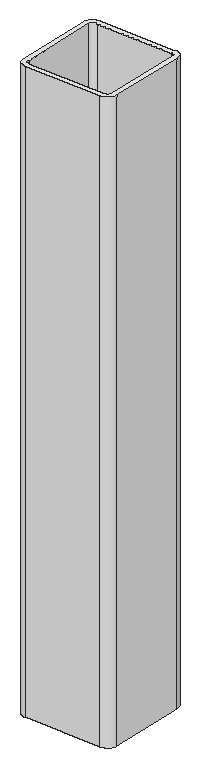
Revit family "NLRS_28_SC_RHS_Square", category Structural Columns, Revit 2020
Family settings
  Section Shape = Not Defined
  Material for Model Behavior = Steel
  Always export as geometry = No
  Beam cutback in plan = From bounding box
  OmniClass Number = 23.25.30.11.14.11
  OmniClass Title = Columns
  Cut with Voids When Loaded = No
  Symbolic Representation = From Project Settings
  Shared = No
  Show family pre-cut in plan views = Yes
Parameters (values of type "KK400/20")
  W = 0
  Structural Material [instance] = Steel, 45-345
  Ix = 71530
  M = 235
  Zx = 3577
  b = 400 mm
  h = 400 mm
  tr = 2 * t  # 40 mm
  t = 20 mm
  A = 0.03 m²
Types (123, lengths in mm): name | Ix | M | Zx | b | h | tr | t | A
  KK400/20 | 71530 | 235 | 3577 | 400 | 400 | 40 | 20 | 0.03 m²
  KK400/16 | 59340 | 191 | 2967 | 400 | 400 | 32 | 16 | 0.0243 m²
  KK400/12.5 | 47840 | 151 | 2392 | 400 | 400 | 25 | 12.5 | 0.0192 m²
  K400/400/12 | 46130 | 145 | 2306 | 400 | 400 | 24 | 12 | 0.0185 m²
  K400/400/10 | 39130 | 122 | 1956 | 400 | 400 | 20 | 10 | 0.0155 m²
  K400/400/8 | 31860 | 97.9 | 1593 | 400 | 400 | 16 | 8 | 0.0125 m²
  K350/350/16 | 38940 | 166 | 2225 | 350 | 350 | 32 | 16 | 0.0211 m²
  K350/350/12.5 | 31540 | 131 | 1802 | 350 | 350 | 25 | 12.5 | 0.0167 m²
  K350/350/12 | 30430 | 126 | 1739 | 350 | 350 | 24 | 12 | 0.0161 m²
  K350/350/10 | 25880 | 106 | 1479 | 350 | 350 | 20 | 10 | 0.0135 m²
  K350/350/8 | 21130 | 85.4 | 1207 | 350 | 350 | 16 | 8 | 0.0109 m²
  K300/300/16 | 23850 | 141 | 1590 | 300 | 300 | 32 | 16 | 0.0179 m²
  K300/300/12.5 | 19440 | 112 | 1296 | 300 | 300 | 25 | 12.5 | 0.0142 m²
  K300/300/12 | 18780 | 107 | 1252 | 300 | 300 | 24 | 12 | 0.0137 m²
  K300/300/10 | 16030 | 90.2 | 1068 | 300 | 300 | 20 | 10 | 0.0115 m²
  K300/300/8 | 13130 | 72.8 | 875 | 300 | 300 | 16 | 8 | 0.00928 m²
  K300/300/6.3 | 10550 | 57.8 | 703 | 300 | 300 | 12.6 | 6.3 | 0.00736 m²
  K300/300/6 | 10080 | 55.1 | 672 | 300 | 300 | 12 | 6 | 0.00702 m²
  K250/250/16 | 13270 | 115 | 1061 | 250 | 250 | 32 | 16 | 0.0147 m²
  K250/250/12.5 | 10920 | 91.9 | 873 | 250 | 250 | 25 | 12.5 | 0.0117 m²
  K250/250/12 | 10560 | 88.5 | 844 | 250 | 250 | 24 | 12 | 0.0113 m²
  K250/250/10 | 9055 | 74.5 | 724 | 250 | 250 | 20 | 10 | 0.00949 m²
  K250/250/8 | 7455 | 60.3 | 596 | 250 | 250 | 16 | 8 | 0.00768 m²
  K250/250/6.3 | 6014 | 47.9 | 481 | 250 | 250 | 12.6 | 6.3 | 0.0061 m²
  K250/250/6 | 5752 | 45.7 | 460 | 250 | 250 | 12 | 6 | 0.00582 m²
  K250/250/5 | 4861 | 38.3 | 389 | 250 | 250 | 10 | 5 | 0.00487 m²
  K200/200/16 | 6394 | 90.3 | 639 | 200 | 200 | 32 | 16 | 0.0115 m²
  K200/200/12.5 | 5336 | 72.3 | 534 | 200 | 200 | 25 | 12.5 | 0.00921 m²
  K200/200/12 | 5171 | 69.6 | 517 | 200 | 200 | 24 | 12 | 0.00887 m²
  K200/200/10 | 4471 | 58.8 | 447 | 200 | 200 | 20 | 10 | 0.00749 m²
  K200/200/8 | 3709 | 47.7 | 371 | 200 | 200 | 16 | 8 | 0.00608 m²
  K200/200/6.3 | 3011 | 38 | 301 | 200 | 200 | 12.6 | 6.3 | 0.00484 m²
  K200/200/6 | 2883 | 36.2 | 288 | 200 | 200 | 12 | 6 | 0.00462 m²
  K200/200/5 | 2445 | 30.4 | 245 | 200 | 200 | 10 | 5 | 0.00387 m²
  K180/180/16 | 4504 | 80.2 | 500 | 180 | 180 | 32 | 16 | 0.0102 m²
  K180/180/12.5 | 3790 | 64.4 | 421 | 180 | 180 | 25 | 12.5 | 0.00821 m²
  K180/180/12 | 3677 | 62.1 | 409 | 180 | 180 | 24 | 12 | 0.00791 m²
  K180/180/10 | 3193 | 52.5 | 355 | 180 | 180 | 20 | 10 | 0.00669 m²
  K180/180/8 | 2661 | 42.7 | 296 | 180 | 180 | 16 | 8 | 0.00544 m²
  K180/180/6.3 | 2168 | 34 | 241 | 180 | 180 | 12.6 | 6.3 | 0.00433 m²
  K180/180/6 | 2077 | 32.5 | 231 | 180 | 180 | 12 | 6 | 0.00414 m²
  K180/180/5 | 1765 | 27.3 | 196 | 180 | 180 | 10 | 5 | 0.00347 m²
  K160/160/16 | 3028 | 70.2 | 379 | 160 | 160 | 32 | 16 | 0.00894 m²
  K160/160/12.5 | 2576 | 56.6 | 322 | 160 | 160 | 25 | 12.5 | 0.00721 m²
  K160/160/12 | 2502 | 54.6 | 313 | 160 | 160 | 24 | 12 | 0.00695 m²
  K160/160/10 | 2186 | 46.3 | 273 | 160 | 160 | 20 | 10 | 0.00589 m²
  K160/160/8 | 1831 | 37.6 | 229 | 160 | 160 | 16 | 8 | 0.0048 m²
  K160/160/6.3 | 1499 | 30.1 | 187 | 160 | 160 | 12.6 | 6.3 | 0.00383 m²
  K160/160/6 | 1437 | 28.7 | 180 | 160 | 160 | 12 | 6 | 0.00366 m²
  K160/160/5 | 1225 | 24.1 | 153 | 160 | 160 | 10 | 5 | 0.00307 m²
  K150/150/16 | 2430 | 65.2 | 324 | 150 | 150 | 32 | 16 | 0.0083 m²
  K150/150/12.5 | 2080 | 52.7 | 277 | 150 | 150 | 25 | 12.5 | 0.00671 m²
  K150/150/12 | 2023 | 50.8 | 270 | 150 | 150 | 24 | 12 | 0.00647 m²
  K150/150/10 | 1773 | 43.1 | 236 | 150 | 150 | 20 | 10 | 0.00549 m²
  K150/150/8 | 1491 | 35.1 | 199 | 150 | 150 | 16 | 8 | 0.00448 m²
  K150/150/6.3 | 1223 | 28.1 | 163 | 150 | 150 | 12.6 | 6.3 | 0.00358 m²
  K150/150/6 | 1174 | 26.8 | 156 | 150 | 150 | 12 | 6 | 0.00342 m²
  K150/150/5 | 1002 | 22.6 | 134 | 150 | 150 | 10 | 5 | 0.00287 m²
  K140/140/12.5 | 1653 | 48.7 | 236 | 140 | 140 | 25 | 12.5 | 0.00621 m²
  K140/140/12 | 1609 | 47 | 230 | 140 | 140 | 24 | 12 | 0.00599 m²
  K140/140/10 | 1416 | 40 | 202 | 140 | 140 | 20 | 10 | 0.00509 m²
  K140/140/8 | 1195 | 32.6 | 171 | 140 | 140 | 16 | 8 | 0.00416 m²
  K140/140/6.3 | 984 | 26.1 | 141 | 140 | 140 | 12.6 | 6.3 | 0.00333 m²
  K140/140/6 | 944 | 24.9 | 135 | 140 | 140 | 12 | 6 | 0.00318 m²
  K140/140/5 | 807 | 21 | 115 | 140 | 140 | 10 | 5 | 0.00267 m²
  K120/120/12.5 | 982 | 40.9 | 164 | 120 | 120 | 25 | 12.5 | 0.00521 m²
  K120/120/12 | 958 | 39.5 | 160 | 120 | 120 | 24 | 12 | 0.00503 m²
  K120/120/10 | 852 | 33.7 | 142 | 120 | 120 | 20 | 10 | 0.00429 m²
  K120/120/8 | 726 | 27.6 | 121 | 120 | 120 | 16 | 8 | 0.00352 m²
  K120/120/6.3 | 603 | 22.2 | 100 | 120 | 120 | 12.6 | 6.3 | 0.00282 m²
  K120/120/6 | 579 | 21.2 | 96.6 | 120 | 120 | 12 | 6 | 0.0027 m²
  K120/120/5 | 498 | 17.8 | 83 | 120 | 120 | 10 | 5 | 0.00227 m²
  K120/120/4 | 410 | 14.4 | 68.4 | 120 | 120 | 8 | 4 | 0.00184 m²
  KK100/10 | 462 | 27.4 | 92.4 | 100 | 100 | 20 | 10 | 0.00349 m²
  K100/100/8 | 400 | 22.6 | 79.9 | 100 | 100 | 16 | 8 | 0.00288 m²
  KK100/6.3 | 336 | 18.2 | 67.1 | 100 | 100 | 12.6 | 6.3 | 0.00232 m²
  K100/100/6 | 323 | 17.4 | 64.6 | 100 | 100 | 12 | 6 | 0.00222 m²
  KK100/5 | 279 | 14.7 | 55.9 | 100 | 100 | 10 | 5 | 0.00187 m²
  K100/100/4 | 232 | 11.9 | 46.4 | 100 | 100 | 8 | 4 | 0.00152 m²
  K100/100/3.6 | 212 | 10.8 | 42.3 | 100 | 100 | 7.2 | 3.6 | 0.00137 m²
  K90/90/8 | 281 | 20.1 | 62.6 | 90 | 90 | 16 | 8 | 0.00256 m²
  K90/90/6.3 | 238 | 16.2 | 53 | 90 | 90 | 12.6 | 6.3 | 0.00207 m²
  K90/90/6 | 230 | 15.5 | 51.1 | 90 | 90 | 12 | 6 | 0.00198 m²
  K90/90/5 | 200 | 13.1 | 44.4 | 90 | 90 | 10 | 5 | 0.00167 m²
  K90/90/4 | 166 | 10.7 | 37 | 90 | 90 | 8 | 4 | 0.00136 m²
  K90/90/3.6 | 152 | 9.66 | 33.8 | 90 | 90 | 7.2 | 3.6 | 0.00123 m²
  KK80/8 | 189 | 17.5 | 47.3 | 80 | 80 | 16 | 8 | 0.00224 m²
  KK80/6.3 | 162 | 14.2 | 40.5 | 80 | 80 | 12.6 | 6.3 | 0.00181 m²
  K80/80/6 | 156 | 13.6 | 39.1 | 80 | 80 | 12 | 6 | 0.00174 m²
  KK80/5 | 137 | 11.6 | 34.2 | 80 | 80 | 10 | 5 | 0.00147 m²
  KK80/4 | 114 | 9.41 | 28.6 | 80 | 80 | 8 | 4 | 0.0012 m²
  K80/80/3.6 | 105 | 8.53 | 26.2 | 80 | 80 | 7.2 | 3.6 | 0.00109 m²
  K80/80/3.2 | 95 | 7.63 | 23.7 | 80 | 80 | 6.4 | 3.2 | 0.000972 m²
  K70/70/8 | 120 | 15 | 34.2 | 70 | 70 | 16 | 8 | 0.00192 m²
  K70/70/6.3 | 104 | 12.3 | 29.7 | 70 | 70 | 12.6 | 6.3 | 0.00156 m²
  K70/70/6 | 101 | 11.8 | 28.7 | 70 | 70 | 12 | 6 | 0.0015 m²
  K70/70/5 | 88.5 | 9.99 | 25.3 | 70 | 70 | 10 | 5 | 0.00127 m²
  K70/70/4 | 74.7 | 8.15 | 21.3 | 70 | 70 | 8 | 4 | 0.00104 m²
  K70/70/3.6 | 68.6 | 7.4 | 19.6 | 70 | 70 | 7.2 | 3.6 | 0.000942 m²
  K70/70/3.2 | 62.3 | 6.63 | 17.8 | 70 | 70 | 6.4 | 3.2 | 0.000844 m²
  K70/70/3 | 59 | 6.24 | 16.9 | 70 | 70 | 6 | 3 | 0.000794 m²
  K60/60/8 | 69.7 | 12.5 | 23.2 | 60 | 60 | 16 | 8 | 0.0016 m²
  K60/60/6.3 | 61.6 | 10.3 | 20.5 | 60 | 60 | 12.6 | 6.3 | 0.00131 m²
  K60/60/6 | 59.9 | 9.87 | 20 | 60 | 60 | 12 | 6 | 0.00126 m²
  K60/60/5 | 53.3 | 8.42 | 17.8 | 60 | 60 | 10 | 5 | 0.00107 m²
  K60/60/4 | 45.4 | 6.9 | 15.1 | 60 | 60 | 8 | 4 | 0.000879 m²
  K60/60/3.6 | 41.9 | 6.27 | 14 | 60 | 60 | 7.2 | 3.6 | 0.000798 m²
  K60/60/3.2 | 38.2 | 5.62 | 12.7 | 60 | 60 | 6.4 | 3.2 | 0.000716 m²
  K60/60/3 | 36.2 | 5.29 | 12.1 | 60 | 60 | 6 | 3 | 0.000674 m²
  K50/50/6.3 | 32.8 | 8.31 | 13.1 | 50 | 50 | 12.6 | 6.3 | 0.00106 m²
  K50/50/6 | 32 | 7.99 | 12.8 | 50 | 50 | 12 | 6 | 0.00102 m²
  K50/50/5 | 28.9 | 6.85 | 11.6 | 50 | 50 | 10 | 5 | 0.000873 m²
  K50/50/4 | 25 | 5.64 | 9.99 | 50 | 50 | 8 | 4 | 0.000719 m²
  K50/50/3.6 | 23.2 | 5.14 | 9.27 | 50 | 50 | 7.2 | 3.6 | 0.000654 m²
  K50/50/3.2 | 21.2 | 4.62 | 8.49 | 50 | 50 | 6.4 | 3.2 | 0.000588 m²
  K50/50/3 | 20.2 | 4.35 | 8.08 | 50 | 50 | 6 | 3 | 0.000554 m²
  K50/50/2.5 | 17.5 | 3.68 | 6.99 | 50 | 50 | 5 | 2.5 | 0.000468 m²
  K40/40/5 | 13.4 | 5.28 | 6.68 | 40 | 40 | 10 | 5 | 0.000673 m²
  K40/40/4 | 11.8 | 4.39 | 5.91 | 40 | 40 | 8 | 4 | 0.000559 m²
  K40/40/3.6 | 11.1 | 4.01 | 5.54 | 40 | 40 | 7.2 | 3.6 | 0.00051 m²
  K40/40/3.2 | 10.2 | 3.61 | 5.11 | 40 | 40 | 6.4 | 3.2 | 0.00046 m²
  K40/40/3 | 9.78 | 3.41 | 4.89 | 40 | 40 | 6 | 3 | 0.000434 m²
  K40/40/2.5 | 8.54 | 2.89 | 4.27 | 40 | 40 | 5 | 2.5 | 0.000368 m²
Reference planes
  plane 1 "Center (Front/Back)": y = 0
  plane 2: z = 0
  plane 3 "Center (Left/Right)": x = 0
  plane 4: x = -200
  plane 5: x = 200
  plane 6: y = 200
  plane 7: y = -200
  plane 8: x = -160
  plane 9: y = -160
  plane 10: y = 160
  plane 11: x = 160
Forms (mm)
  Extrusion 1, solid, material "Steel, 45-345" <- "Structural Material", detail levels medium
    sketch origin (0, 0, 0) x (1, 0, 0) y (0, 1, 0)
      loop
        line (-200, 200) -> (-200, -200) -> (200, -200) -> (200, 200) -> (-200, 200)
      loop
        line (-180, 180) -> (-180, -180) -> (180, -180) -> (180, 180) -> (-180, 180)
    from 0 to 2500
  Extrusion 2, solid, material "Steel, 45-345" <- "Structural Material", detail levels fine
    sketch origin (0, 0, 0) x (1, 0, 0) y (0, 1, 0)
      loop
        arc (-160, 200) -> (-188.284, 188.284) -> (-200, 160) r 40
        line (-200, 160) -> (-200, -160)
        arc (-200, -160) -> (-188.284, -188.284) -> (-160, -200) r 40
        line (-160, -200) -> (160, -200)
        arc (160, -200) -> (188.284, -188.284) -> (200, -160) r 40
        line (200, -160) -> (200, 160)
        arc (200, 160) -> (188.284, 188.284) -> (160, 200) r 40
        line (160, 200) -> (-160, 200)
      loop
        arc (-160, 180) -> (-174.142, 174.142) -> (-180, 160) r 20
        line (-180, 160) -> (-180, -160)
        arc (-180, -160) -> (-174.142, -174.142) -> (-160, -180) r 20
        line (-160, -180) -> (160, -180)
        arc (160, -180) -> (174.142, -174.142) -> (180, -160) r 20
        line (180, -160) -> (180, 160)
        arc (180, 160) -> (174.142, 174.142) -> (160, 180) r 20
        line (160, 180) -> (-160, 180)
    from 0 to 2500
Lines and regions (mm)
  symbolic lines, style "StructuralColumnStickSymbols", detail levels coarse
    curve 1: line (-200, 200, 0) -> (200, 200, 0)
    curve 2: line (-200, -200, 0) -> (200, -200, 0)
    curve 5: line (-200, 200, 0) -> (-200, -200, 0)
    curve 6: line (200, 200, 0) -> (200, -200, 0)
  symbolic lines, style "Hidden Faces", detail levels medium+fine
    curve 3: line (-180, 0, 0) -> (-180, 0, 2500)
    curve 4: line (180, 0, 2500) -> (180, 0, 0)
Dimensions and locks
  equal spacing: plane 4, plane 3 "Center (Left/Right)", plane 5
  equal spacing: plane 7, plane 1 "Center (Front/Back)", plane 6
  "h": plane 7 to plane 6
  "b": plane 4 to plane 5
  "t": Extrusion 1 sketch curve to plane 5
  "t": plane 4 to Extrusion 1 sketch curve
  "t": Extrusion 1 sketch curve to plane 6
  "t": Extrusion 1 sketch curve to plane 7
  "t": Extrusion 2 sketch curve to plane 6
  "t": Extrusion 2 sketch curve to plane 5
  "t": plane 4 to Extrusion 2 sketch curve
  "t": Extrusion 2 sketch curve to plane 7
  "tr": plane 10 to plane 6
  "tr": plane 7 to plane 9
  "tr": plane 11 to plane 5
  "tr": plane 4 to plane 8
  aligned and locked: plane 6 to Extrusion 1 sketch curve
  aligned and locked: Extrusion 1 sketch curve to plane 7
  aligned and locked: Extrusion 1 sketch curve to plane 4
  aligned and locked: plane 5 to Extrusion 1 sketch curve
  aligned and locked: level to Extrusion 1
  aligned and locked: level to plane 2
  aligned and locked: Extrusion 1 to plane 2
  aligned and locked: curve 1 to Extrusion 2 sketch curve
  aligned and locked: Extrusion 2 sketch curve to Extrusion 1
  aligned and locked: level to Extrusion 2
  aligned and locked: curve 4 to Extrusion 2
  aligned and locked: curve 3 to Extrusion 2
Automatic sketch dimensions
  Extrusion 2 sketch curve to plane 8 = 0 mm  (x4)
  Extrusion 2 sketch curve to plane 7 = 0 mm
  Extrusion 2 sketch curve to plane 11 = 0 mm
  Extrusion 2 sketch curve to plane 10 = 0 mm  (x2)
  Extrusion 2 sketch curve to plane 9 = 0 mm  (x2)
  curve 3 to level = 0 mm  (x2)
  curve 4 to level = 0 mm  (x2)
  curve 5 to plane 4 = 0 mm
  curve 2 to plane 5 = 0 mm
  curve 5 to plane 7 = 0 mm
  curve 5 to plane 6 = 0 mm
